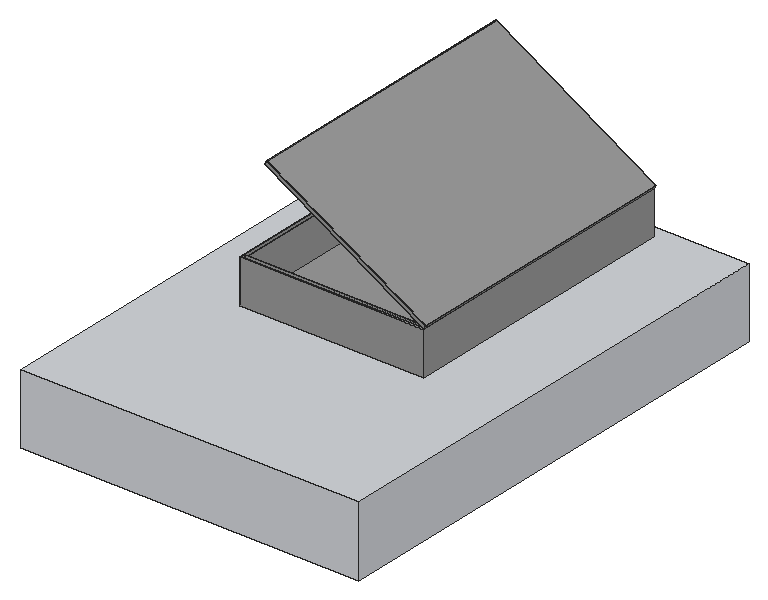
Revit family "Hager-Univers-IP44-D205-H1250-Cl.II-Encl-CH-it", category Equipement électrique, Revit 2020
Family settings
  Hôte = Face
  Configuration du panneau = Deux colonnes, circuits au sein
  Cote de connecteur circulaire = Utiliser le diamètre
  Type d'élément = Tableau de raccordement
  Couper avec des vides une fois chargée = Non
  Partagée = Non
  Point de calcul de pièce = Non
Parameters (values of type "A parete IP44 L800 A1250 P205  - FP83QS")
  Width Control [instance] = if([EF000008 - Larghezza] > Min Width, [EF000008 - Larghezza], Min Width)  # 800 mm
  Commentaires du type = [HG000003 - Gamma]  # "Univers"
  Thickness Door [instance] = if([EF009171 - spessore materiale porta/coperchio] > 3 mm, 3 mm, [EF009171 - spessore materiale porta/coperchio])  # 1 mm
  Seal Frame Offset [instance] = 17 mm  # constant formula
  Plinth Visibility [instance] = [HG000027 - Altezza dello zoccolo] > 0 mm  # no
  Model = ""
  Min Width [instance] = 100 mm  # constant formula
  Min Height [instance] = 100 mm  # constant formula
  Min Depth [instance] = (2 * [EF009170 - spessore materiale scatola]) + 1 mm  # 3 mm
  Internal Frame Depth [instance] = (Door System Depth * 0.5)  # 9 mm
  Height Control [instance] = if([EF000040 - Altezza] > Min Height, [EF000040 - Altezza], Min Height)  # 1250 mm
  HG000027 - Altezza dello zoccolo = 0 mm
  HG000026 - A pavimento = no
  HG000024 - Altezza della sezione inferiore = 800 mm
  HG000023 - Custodia a doppia sezione = no
  HG000016 - Visibilità delle porte nella vista 3D [instance] = yes
  HG000015 - Visibilità attraverso la porta [instance] = no
  HG000014 - Porta destra [instance] = yes
  HG000013 - Porta sinistra [instance] = not([HG000014 - Porta destra])  # no
  HG000012 - Angolo di apertura della porta [instance] = 30.00°
  HG000010 - Porte asimmetriche = no
  HG000009 - Porta doppia a battente = no
  HG000006 - Ad incasso = no
  HG000004 - Codice produttore = "FP83QS"
  HG000003 - Gamma = "Univers"
  HG000002 - Con porta = yes
  Frame Offset Bottom [instance] = 10 mm  # constant formula
  Frame Offset [instance] = 15 mm  # constant formula
  EF015940 - Coprire con rilascio di sovrapressione = no
  EF011959 - tipo di protezione (NEMA) = ""
  EF009554 - numero delle aperture per la piastra della flangia = 6
  Fabricant = "Hager"  # constant formula
  EF009212 - esecuzione coperchio = "EV000116 - chiuso"
  EF009171 - spessore materiale porta/coperchio = 1 mm
  EF009170 - spessore materiale scatola = 1 mm
  EF008873 - corrente nominale (In) = 250 A
  EF007800 - adatto per parafulmine = no
  EF006306 - con serratura = no
  EF006244 - coperchio/porta trasparente = no
  EF005474 - grado di protezione (IP) = "EV006418 - IP44"
  EF004464 - tipo di porta = "EV002646 - singolo"
  EF004427 - numero di moduli = 288
  EF004293 - resistenza agli urti = "EV006815 - IK09"
  EF003532 - adatto per uso esterno = no
  EF002950 - Numero moduli DIN = 36
  EF001613 - Integrità del circuito = "EV000494 - senza"
  EF001596 - Attacco Lampada = "EV000179 - acciaio"
  EF001131 - profondità interna = 143 mm
  EF001088 - possibilità di applicazione = yes
  EF000437 - numero di ingressi per conduttori = 6
  EF000339 - tipo di copertura = "EV001012 - coperchio"
  EF000266 - numero di file = 8
  EF000218 - profondità di incasso = 0 mm
  EF000118 - con piastra di montaggio = no
  EF000116 - numero RAL = "9010"
  EF000049 - profondità = 205 mm
  EF000040 - Altezza = 1250 mm
  EF000008 - Larghezza = 800 mm
  EF000007 - colore = "EV000202 - bianco"
  EF000003 - Tipo di montaggio = "EV000384 - A parete"
  Door System Leaf Tolerance [instance] = 1.5 mm  # constant formula
  Door System Depth [instance] = 18 mm  # constant formula
  Door Height [instance] = Height Control - [HG000027 - Altezza dello zoccolo]  # 1250 mm
  Depth Control [instance] = if([EF000049 - profondità] > Min Depth, [EF000049 - profondità], Min Depth)  # 205 mm
  Default Elevation = 0 mm
  Connector Offset [instance] = Height Control / 2  # 625 mm
  Bottom Top Plate Trim [instance] = 1.5 mm  # constant formula
  Plinth height Ctrl [instance] = if([HG000027 - Altezza dello zoccolo] > 0 mm, [HG000027 - Altezza dello zoccolo], 12 mm)  # 12 mm
Types (5, lengths in mm): name | Width Control | HG000009 - Porta doppia a battente | HG000004 - Codice produttore | EF009554 - numero delle aperture per la piastra della flangia | EF004464 - tipo di porta | EF004427 - numero di moduli | EF002950 - Numero moduli DIN | EF000437 - numero di ingressi per conduttori | EF000008 - Larghezza
  A parete IP44 L1050 A1250 P205  - FP84QS | 1050 | yes | "FP84QS" | 8 | "EV003602 - doppio" | 384 | 48 | 8 | 1050
  A parete IP44 L1300 A1250 P205  - FP85QS | 1300 | yes | "FP85QS" | 10 | "EV003602 - doppio" | 480 | 60 | 10 | 1300
  A parete IP44 L300 A1250 P205  - FP81QS | 300 | no | "FP81QS" | 2 | "EV002646 - singolo" | 96 | 12 | 2 | 300
  A parete IP44 L550 A1250 P205  - FP82QS | 550 | no | "FP82QS" | 4 | "EV002646 - singolo" | 192 | 24 | 4 | 550
  A parete IP44 L800 A1250 P205  - FP83QS | 800 | no | "FP83QS" | 6 | "EV002646 - singolo" | 288 | 36 | 6 | 800
Reference planes
  plane 1 "Center (Front/Back)": y = 0
  plane 2: z = 0
  plane 3 "Center (Left/Right)": x = 0
  plane 4: z = 205
  plane 5: y = 1
  plane 6: y = 625
  plane 7: y = 0
  plane 8: y = 1250
  plane 9: z = 0
  plane 10: x = -385
  plane 11: x = 385
  plane 12: x = 384
  plane 13: x = -384
  plane 14: y = 1249
  plane 15: x = -383
  plane 16: x = -400
  plane 17: x = 383
  plane 18: x = 400
  plane 19: x = 399
  plane 20: x = -399
  plane 21: y = 11
  plane 22: y = 1250
  plane 23: y = 1234
  plane 24: z = 187
  plane 25: z = 1
  plane 26: z = 186
  plane 27: z = 204
Forms (mm)
  Extrusion 1, solid
    sketch origin (0, 0, 0) x (1, 0, 0) y (0, 1, 0)
      loop
        line (-702.964, 1305) -> (-702.964, -811.445) -> (766.763, -811.445) -> (766.763, 1305) -> (-702.964, 1305)
    from 0 to -304.8
  Extrusion 2, solid, material "Hager_Steel_RAL7035_Light_Grey", visible <- "Plinth Visibility", detail levels medium+fine
    sketch origin (0, 0, 0) x (1, 0, 0) y (0, 1, 0)
      loop
        line (-400, 0) -> (400, 0) -> (400, 12) -> (-400, 12) -> (-400, 0)
    from 0 to 187
  Extrusion 3, solid, material "Hager_Steel_RAL7035_Light_Grey", detail levels medium+fine
    sketch origin (0, 0, 0) x (1, 0, 0) y (0, 1, 0)
      loop
        line (-400, 0) -> (400, 0) -> (400, 1250) -> (-400, 1250) -> (-400, 0)
    from 0 to 187
  Extrusion 4, void
    sketch origin (0, 0, 0) x (1, 0, 0) y (0, 1, 0)
      loop
        line (-399, 1) -> (399, 1) -> (399, 1249) -> (-399, 1249) -> (-399, 1)
    from 1 to 186
  Extrusion 5, void
    sketch origin (-381.607, -4572, 187) x (0, -1, 0) y (-1, 0, 0)
      loop
        line (-4583, 2.393) -> (-5806, 2.393) -> (-5806, -765.607) -> (-4583, -765.607) -> (-4583, 2.393)
    from 0 to 1 <- "EF009170 - spessore materiale scatola"
  Extrusion 6, solid, material "Hager_Steel_RAL7035_Light_Grey", detail levels fine
    sketch origin (0, 0, 187) x (1, 0, 0) y (0, 1, 0)
      loop
        line (-384, 1234) -> (-384, 11) -> (384, 11) -> (384, 1234) -> (-384, 1234)
      loop
        line (-385, 10) -> (385, 10) -> (385, 1235) -> (-385, 1235) -> (-385, 10)
    from 0 to 9 <- "Internal Frame Depth"
  Extrusion 7, solid, material "Hager_Steel_RAL7035_Light_Grey", detail levels coarse
    sketch origin (0, 0, 0) x (1, 0, 0) y (0, 1, 0)
      loop
        line (-400, 0) -> (400, 0) -> (400, 1250) -> (-400, 1250) -> (-400, 0)
    from 0 to 205
  Sweep 8, void
    path in 3D
      loop
        line (-400, 12, 0) -> (400, 12, 0) -> (400, 12, 187) -> (-400, 12, 187) -> (-400, 12, 0)
    profile origin (-400, 12, 93.5) x (-1, 0, 0) y (0, -1, 0)
      loop
        line (0, 0) -> (0, 1.5) -> (-1.5, 1.5)
        arc (-1.5, 1.5) -> (-1.061, 0.439) -> (0, 0) r 1.5
Cuts and joins
  Extrusion 4, Extrusion 5 cuts Extrusion 3
  Sweep 8 cuts Extrusion 2
Lines and regions (mm)
  Masking region 1
    outline origin (0, 0, 0) x (1, 0, 0) y (0, 0, 1)
      loop
        line (-400, 205) -> (-400, 0) -> (400, 0) -> (400, 205) -> (-400, 205)
  Masking region 2, detail levels medium+fine
    outline origin (0, 140, 0) x (0, 1, 0) y (0, 0, 1)
      loop
        line (-140, 0) -> (1110, 0) -> (1110, 187) -> (-140, 187) -> (-140, 0)
  Masking region 3, not visible, detail levels medium+fine
    outline origin (0, 297.922, 0) x (0, 1, 0) y (0, 0, 1)
      loop
        line (338.578, 0) -> (378.578, 0) -> (378.578, 194)
        arc (378.578, 194) -> (375.649, 201.071) -> (368.578, 204) r 10
        line (368.578, 204) -> (338.578, 204) -> (338.578, 0)
  Masking region 4, detail levels coarse
    outline origin (0, 0, 180) x (0, 1, 0) y (0, 0, 1)
      loop
        line (0, -180) -> (1250, -180) -> (1250, 25) -> (0, 25) -> (0, -180)
  Masking region 5, visible <- "Plinth Visibility", detail levels medium+fine
    outline origin (0, 52.24, 12.345) x (0, 0, -1) y (0, 1, 0)
      loop
        line (10.845, -40.24) -> (-173.155, -40.24)
        arc (-173.155, -40.24) -> (-173.594, -41.301) -> (-174.655, -41.74) r 1.5
        line (-174.655, -41.74) -> (-174.655, -52.24) -> (12.345, -52.24) -> (12.345, -41.74)
        arc (12.345, -41.74) -> (11.285, -41.301) -> (10.845, -40.24) r 1.5
  Masking region 6, detail levels medium+fine
    outline origin (-381.607, -4572, 187) x (-1, 0, 0) y (0, -1, 0)
      loop
        line (18.393, -5822) -> (18.393, -4572) -> (-781.607, -4572) -> (-781.607, -5822) -> (18.393, -5822)
  Masking region 7, visible <- "Plinth Visibility", detail levels medium+fine
    outline origin (-381.607, -4727, 187) x (-1, 0, 0) y (0, -1, 0)
      loop
        arc (16.893, -4739) -> (17.332, -4737.939) -> (18.393, -4737.5) r 1.5
        line (18.393, -4737.5) -> (18.393, -4727) -> (-781.607, -4727) -> (-781.607, -4737.5)
        arc (-781.607, -4737.5) -> (-780.546, -4737.939) -> (-780.107, -4739) r 1.5
        line (-780.107, -4739) -> (16.893, -4739)
  Masking region 8, detail levels coarse
    outline origin (-442.548, -4669.526, 187) x (-1, 0, 0) y (0, -1, 0)
      loop
        line (-42.548, -5919.526) -> (-42.548, -4669.526) -> (-842.548, -4669.526) -> (-842.548, -5919.526) -> (-42.548, -5919.526)
  sketch lines
    curve 1: line (-400, 12, 187) -> (-400, 12, 0)
    curve 2: line (400, 12, 187) -> (-400, 12, 187)
    curve 3: line (400, 12, 187) -> (400, 12, 0)
    curve 4: line (-400, 12, 0) -> (400, 12, 0)
Dimensions and locks
  "Depth Control": plane 4 to Extrusion 1
  "HG000027 - Altezza dello zoccolo": plane 1 "Center (Front/Back)" to plane 7
  "EF009170 - spessore materiale scatola": plane 5 to plane 7
  locked: connector elem to plane 3 "Center (Left/Right)"
  equal spacing: plane 8, plane 6, plane 7
  locked: connector elem to plane 6
  "EF009170 - spessore materiale scatola": plane 8 to plane 14
  "EF009170 - spessore materiale scatola": plane 10 to plane 13
  "EF009170 - spessore materiale scatola": plane 12 to plane 11
  "Frame Offset": plane 20 to plane 13
  "Frame Offset": plane 12 to plane 19
  "EF009170 - spessore materiale scatola": plane 16 to plane 20
  "EF009170 - spessore materiale scatola": plane 19 to plane 18
  "Seal Frame Offset": plane 16 to plane 15
  "Seal Frame Offset": plane 17 to plane 18
  "Frame Offset Bottom": plane 21 to plane 5
  "Frame Offset": plane 14 to plane 23
  equal spacing: plane 16, plane 3 "Center (Left/Right)", plane 18
  "Width Control": plane 16 to plane 18
  "EF009170 - spessore materiale scatola": plane 4 to plane 27
  "EF009170 - spessore materiale scatola": plane 24 to plane 26
  "EF009170 - spessore materiale scatola": plane 25 to level
  "Door System Depth": plane 4 to plane 24
  "Height Control": plane 1 "Center (Front/Back)" to Extrusion 7 sketch curve
  "Height Control": Masking region 4 sketch curve to plane 1 "Center (Front/Back)"
  "Height Control": plane 1 "Center (Front/Back)" to plane 22
  "Bottom Top Plate Trim": profile plane to Sweep 8 sketch curve
  "Bottom Top Plate Trim": Sweep 8 sketch curve to profile plane
  "Plinth height Ctrl": plane 1 "Center (Front/Back)" to Extrusion 2 sketch curve
  "Plinth height Ctrl": Masking region 5 sketch curve to plane 1 "Center (Front/Back)"
  "Plinth height Ctrl": plane 1 "Center (Front/Back)" to Masking region 7 sketch curve
  "Thickness Door": Extrusion 6 sketch curve to Extrusion 6 sketch curve  (x3)
  "Thickness Door": cut or joined group of Extrusion 3, Extrusion 4, Extrusion 5 to Extrusion 6 sketch curve
  radius of Masking region 3 sketch curve = 10 mm
  "Bottom Top Plate Trim": radius of Masking region 5 sketch curve  (x2)
  "Bottom Top Plate Trim": radius of Sweep 8 sketch curve
  "Bottom Top Plate Trim": radius of Masking region 7 sketch curve  (x2)
  aligned and locked: plane 2 to Extrusion 1
  aligned and locked: level to Extrusion 1
  aligned and locked: level to Masking region 1 sketch curve
  aligned and locked: Masking region 1 sketch curve to plane 18
  aligned and locked: Masking region 1 sketch curve to plane 16
  aligned and locked: plane 7 to Masking region 2 sketch curve
  aligned and locked: level to Masking region 3 sketch curve
  aligned and locked: Masking region 3 sketch curve to plane 27
  aligned and locked: level to Masking region 2 sketch curve
  aligned and locked: plane 1 "Center (Front/Back)" to Extrusion 2 sketch curve
  aligned and locked: Extrusion 3 sketch curve to plane 7
  aligned and locked: plane 16 to Extrusion 3 sketch curve
  aligned and locked: plane 18 to Extrusion 3 sketch curve
  aligned and locked: plane 20 to Extrusion 4 sketch curve
  aligned and locked: plane 19 to Extrusion 4 sketch curve
  aligned and locked: Extrusion 4 sketch curve to plane 5
  aligned and locked: Extrusion 4 to plane 25
  aligned and locked: plane 26 to Extrusion 4
  aligned and locked: plane 24 to Extrusion 3
  aligned and locked: Extrusion 5 sketch curve to plane 21
  aligned and locked: Extrusion 5 sketch curve to plane 13
  aligned and locked: Extrusion 5 sketch curve to plane 12
  aligned and locked: plane 18 to Extrusion 7 sketch curve
  aligned and locked: plane 1 "Center (Front/Back)" to Extrusion 7 sketch curve
  aligned and locked: plane 16 to Extrusion 7 sketch curve
  aligned and locked: plane 4 to Extrusion 7
  aligned and locked: Extrusion 7 to level
  aligned and locked: level to Masking region 4 sketch curve
  aligned and locked: Masking region 4 sketch curve to plane 1 "Center (Front/Back)"
  aligned and locked: Masking region 4 sketch curve to plane 4
  aligned and locked: nested 1 to level
  aligned and locked: nested 1 to plane 16
  aligned and locked: plane 8 to Extrusion 3 sketch curve
  aligned and locked: plane 23 to Extrusion 5 sketch curve
  aligned and locked: plane 14 to Extrusion 4 sketch curve
  aligned and locked: Masking region 2 sketch curve to plane 8
  aligned and locked: level to Masking region 5 sketch curve
  aligned and locked: plane 16 to Extrusion 2 sketch curve
  aligned and locked: plane 18 to Extrusion 2 sketch curve
  aligned and locked: Masking region 5 sketch curve to plane 24
  aligned and locked: Masking region 2 sketch curve to plane 24
  aligned and locked: plane 24 to Extrusion 2
  aligned and locked: profile plane to Sweep 8 sketch curve  (x2)
  aligned and locked: Masking region 6 sketch curve to plane 18
  aligned and locked: Masking region 6 sketch curve to plane 22
  aligned and locked: Masking region 6 sketch curve to plane 16
  aligned and locked: plane 8 to plane 22
  aligned and locked: Masking region 6 sketch curve to plane 7
  aligned and locked: Masking region 7 sketch curve to plane 16
  aligned and locked: Masking region 7 sketch curve to plane 1 "Center (Front/Back)"
  aligned and locked: Masking region 7 sketch curve to plane 18
  aligned and locked: Masking region 8 sketch curve to plane 1 "Center (Front/Back)"
  aligned and locked: Masking region 8 sketch curve to plane 18
  aligned and locked: Masking region 8 sketch curve to plane 22
  aligned and locked: Masking region 8 sketch curve to plane 16
  aligned and locked: nested 2 to plane 7
  aligned and locked: plane 3 "Center (Left/Right)" to nested 2
  aligned and locked: nested 2 to plane 24
  aligned and locked: Extrusion 6 sketch curve to cut or joined group of Extrusion 3, Extrusion 4, Extrusion 5  (x4)
Automatic sketch dimensions
  Extrusion 1 sketch curve to Extrusion 1 sketch curve = 1469.727 mm
  Extrusion 1 sketch curve to Extrusion 1 sketch curve = 2116.445 mm
  Masking region 1 sketch curve to plane 4 = 0 mm
  plane 6 to Masking region 3 sketch curve = 11.5 mm
  Masking region 3 sketch curve to Masking region 3 sketch curve = 30 mm
  Masking region 5 sketch curve to plane 1 "Center (Front/Back)" = 0 mm
Nested families
  nested 1: "Hager_Enclosure_Symbol" at (-400, 0, 0) x (1, 0, 0) z (0, -1, 0), Height <- "Depth Control", Width <- "Width Control", type "Hager_Enclosure_Symbol"
    with Width_Ctrl 800 mm, Width 800 mm, Height_Ctrl 205 mm, Height 205 mm, A_Width_Int 13.453 mm, A_Width 161.438 mm, A_Height_Ctrl 179.375 mm, A_Height 179.375 mm
  nested 2: "EC000058_Univers_Door" at (0, 0, 187) x (1, 0, 0) z (0, 1, 0), Leaf_Tolerance <- "Door System Leaf Tolerance", Angle <- "HG000012 - Angolo di apertura della porta", Door_Depth <- "Door System Depth", Door_Left <- "HG000013 - Porta sinistra", Transparent <- "EF006244 - coperchio/porta trasparente", Assymetrical <- "HG000010 - Porte asimmetriche", Width <- "Width Control", Clearance <- "HG000015 - Visibilità attraverso la porta", Double <- "HG000009 - Porta doppia a battente", 3d_Door <- "HG000016 - Visibilità delle porte nella vista 3D", Lock_Visibility <- "EF006306 - con serratura", Width_Ctrl <- "Width Control", Door_Right <- "HG000014 - Porta destra", Door <- "HG000002 - Con porta", Height <- "Door Height", Thickness <- "Thickness Door", type "EC000058_Univers_Door", detail levels medium+fine
    with min_wh 3 mm, Width_Ctrl 800 mm, Width 800 mm, Transparent no, Thickness 1 mm, Seal_Material Hager_Rubber, Lock_Visibility no, Lock_Material Hager_Plastic_RAL9005_Jet_Black, Leaf_Width 800 mm, Leaf_Tolerance_External_Sides 0 mm, Leaf_Tolerance 1.5 mm, Leaf_Offset 0 mm, Leaf_Height 1247 mm, Leaf_2_Width 800 mm, Leaf_2_Offset 400 mm, Leaf_1_Width 800 mm, Leaf_1_Offset 400 mm, Height_Ctrl 1250 mm, Height 1250 mm, Glass_Material Hager_Glass, Double_Clearance_Ctrl no, Double no, Door_Right_Ctrl yes, Door_Right yes, Door_Material Hager_Steel_RAL7035_Light_Grey, Door_Left_Ctrl no, Door_Left no, Door_Depth 18 mm, Door yes, Clearance_Material Hager_Clearance, Clearance_Depth 800 mm, Clearance_Ctrl no, Clearance no, Assymetrical no, Angle 30.00°, 3d_Door yes
Connectors
  electrical at (0, 625, 0)
    settings: on plane 9, index 1, voltage 0 V, apparent load 0 VA, apparent load phase1 0 VA, apparent load phase2 0 VA, apparent load phase3 0 VA, power factor 1, load classification "Other", number of poles 1, system type 30, power factor state 1, is connector primary yes, connector utility no, sub classification motor no, connector description ""
Definition of nested family "EC000058_Univers_Door"
  Parameters (values of type "EC000058_Univers_Door")
    min_wh [instance] = (2 * Thickness) + 1 mm  # 11 mm
    Width_Ctrl [instance] = 400 mm
    Width [instance] = 500 mm
    Transparent [instance] = yes
    Thickness [instance] = 5 mm
    Seal_Material [instance] = none
    Lock_Visibility [instance] = yes
    Lock_Material [instance] = none
    Leaf_Width [instance] = if((Width_Ctrl - 2 * Leaf_Tolerance_External_Sides) > 0 mm, (Width_Ctrl - 2 * Leaf_Tolerance_External_Sides), min_wh)  # 400 mm
    Leaf_Tolerance_External_Sides [instance] = 0 mm  # constant formula
    Leaf_Tolerance [instance] = 1.5 mm
    Leaf_Offset [instance] = 0 mm  # constant formula
    Leaf_Height [instance] = if((Height_Ctrl - 2 * Leaf_Tolerance) > 0 mm, (Height_Ctrl - 2 * Leaf_Tolerance), min_wh)  # 497 mm
    Leaf_2_Width [instance] = if(and(and(Double, Assymetrical), Door_Left), (Leaf_Width / 3) - (Leaf_Tolerance / 2), if(and(and(Double, Assymetrical), Door_Right), (Leaf_Width / 3) * 2 - (Leaf_Tolerance / 2), if(and(Double, not(Assymetrical)), (Leaf_Width / 2) - Leaf_Tolerance, Leaf_Width)))  # 400 mm
    Leaf_2_Offset [instance] = if(and(Double, Assymetrical), Leaf_2_Width / 2, if(and(Double, not(Assymetrical)), Leaf_Width / 4, Leaf_Width / 2))  # 200 mm
    Leaf_1_Width [instance] = if(and(and(Double, Assymetrical), Door_Right), (Leaf_Width / 3) - (Leaf_Tolerance / 2), if(and(and(Double, Assymetrical), Door_Left), (Width / 3) * 2 - (Leaf_Tolerance / 2), if(and(Double, not(Assymetrical)), (Leaf_Width / 2) - Leaf_Tolerance, Leaf_Width)))  # 400 mm
    Leaf_1_Offset [instance] = if(and(Double, Assymetrical), Leaf_1_Width / 2, if(and(Double, not(Assymetrical)), Leaf_Width / 4, Leaf_Width / 2))  # 200 mm
    Height_Ctrl [instance] = if(Height > min_wh, Height, min_wh)  # 500 mm
    Height [instance] = 500 mm
    Glass_Material [instance] = none
    Double_Clearance_Ctrl [instance] = and(Double, Clearance)  # no
    Double [instance] = no
    Door_Right_Ctrl [instance] = and(or(Door_Right, Double), Door)  # yes
    Door_Right [instance] = yes
    Door_Material [instance] = none
    Door_Left_Ctrl [instance] = and(or(Door_Left, Double), Door)  # no
    Door_Left [instance] = no
    Door_Depth [instance] = 30 mm
    Door [instance] = yes
    Default Elevation = 1219.2 mm
    Clearance_Material [instance] = none
    Clearance_Depth [instance] = if(Leaf_1_Width > Leaf_2_Width, Leaf_1_Width, Leaf_2_Width)  # 400 mm
    Clearance_Ctrl [instance] = and(not(Double), Clearance)  # yes
    Clearance [instance] = yes
    Assymetrical [instance] = yes
    Angle [instance] = 30.00°
    3d_Door [instance] = yes
  Reference planes
    plane 1 "Center (Front/Back)": y = 0
    plane 2 "Bottom": z = 0
    plane 3 "Center (Left/Right)": x = 0
    plane 4: z = 500
    plane 5: x = -200
    plane 6: x = 200
    plane 7: z = 500
    plane 8: x = -200
    plane 9: z = 0
    plane 10: x = 200
    plane 11: y = 0
    plane 12: z = 1.5
    plane 13: x = -600
    plane 14: y = -400
    plane 15: x = 600
    plane 16: x = 0
    plane 17: x = 0
    plane 18: x = -200
    plane 19: x = 200
    plane 20: z = 498.5
  Forms (mm)
    Extrusion 1, solid, material <- "Clearance_Material", visible <- "Double_Clearance_Ctrl"
      sketch origin (1200, 0, 0) x (1, 0, 0) y (0, 0, -1)
        loop
          line (-1800, -498.5) -> (-600, -498.5) -> (-600, 0) -> (-1800, 0) -> (-1800, -498.5)
      from 0 to -400
  Dimensions and locks
    equal spacing: plane 5, plane 3 "Center (Left/Right)", plane 6
    "Width_Ctrl": plane 5 to plane 6
    "Leaf_Offset": plane 5 to plane 8
    "Leaf_Offset": plane 6 to plane 10
    "Leaf_Offset": plane 9 to level
    "Leaf_Offset": plane 4 to plane 7
    "Height_Ctrl": plane 4 to level
    "Leaf_Tolerance": plane 12 to plane 9
    locked: plane 11 to plane 1 "Center (Front/Back)"
    "Leaf_1_Offset": plane 18 to plane 16
    "Leaf_2_Offset": plane 17 to plane 19
    "Leaf_1_Width": plane 13 to plane 8
    "Leaf_2_Width": plane 10 to plane 15
    "Clearance_Depth": plane 14 to plane 1 "Center (Front/Back)"
    "Leaf_Tolerance_External_Sides": plane 8 to plane 18
    "Leaf_Tolerance_External_Sides": plane 19 to plane 10
    "Leaf_Tolerance": plane 7 to plane 20
    aligned and locked: level to plane 2 "Bottom"
    aligned and locked: nested 1 to plane 16
    aligned and locked: nested 2 to plane 17
    aligned and locked: Extrusion 1 to plane 13
    aligned and locked: plane 15 to Extrusion 1
    aligned and locked: Extrusion 1 to plane 14
    aligned and locked: plane 12 to nested 1
    aligned and locked: nested 2 to plane 12
    aligned and locked: Extrusion 1 to plane 11
    aligned and locked: plane 20 to Extrusion 1
    aligned and locked: nested 2 to plane 11
    aligned and locked: nested 1 to plane 11
  Automatic sketch dimensions
    Extrusion 1 sketch curve to level = 0 mm
    plane 5 to Extrusion 1 sketch curve = 400 mm
    plane 6 to Extrusion 1 sketch curve = 400 mm
    Extrusion 1 sketch curve to plane 4 = 1.5 mm
  Nested families
    nested 1: "EC000058_Univers_Door_Leaf" at (0, 0, 1.5), Width <- "Leaf_1_Width", visible <- "Door_Left_Ctrl", Leaf_Height <- "Leaf_Height", Angle <- "Angle", 3d_Door <- "3d_Door", Transparent <- "Transparent", Clearance Material <- "Clearance_Material", Clearance <- "Clearance_Ctrl", Door_Material <- "Door_Material", Glass_Material <- "Glass_Material", Door_Depth <- "Door_Depth", Lock_Material <- "Lock_Material", Seal_Material <- "Seal_Material", Lock_Visibility <- "Lock_Visibility", Thickness <- "Thickness", type "EC000058_Univers_Door_Leaf"
      with Width 400 mm, Transparent_Glass_Offset 30 mm, Transparent_Ctrl yes, Transparent yes, Thickness 5 mm, Standard no, Seal_Material none, Seal_D2 8 mm, Seal_D1 1 mm, Offset_Internal_Frame 10 mm, Lock_Width 20 mm, Lock_Visibility_3d yes, Lock_Visibility yes, Lock_Thickness_3 3 mm, Lock_Thickness_2 1 mm, Lock_Thickness_1 3 mm, Lock_Radius_Offset_2 16 mm, Lock_Radius_Offset_1 15 mm, Lock_Radius_2 5 mm, Lock_Radius 6 mm, Lock_Offset 5 mm, Lock_Material none, Lock_Height 80 mm, Lock_Cover_Top_Offset_2d 17 mm, Lock_Cover_Height -65 mm, Leaf_Height 497 mm, Internal_Seal_Thickness 8 mm, Internal_Seal_Depth_2 4.5 mm, Internal_Frame_Depth 25 mm, Glass_Thickness -1 mm, Glass_Offset -2 mm, Glass_Material none, Door_Material none, Door_Depth 30 mm, Clearance Material none, Clearance yes, Angle_Ctrl 30.00°, Angle 30.00°, 3d_Door yes
    nested 2: "EC000058_Univers_Door_Leaf" at (0, 0, 1.5) x (-1, 0, 0) z (0, 0, 1), Width <- "Leaf_2_Width", visible <- "Door_Right_Ctrl", Leaf_Height <- "Leaf_Height", Angle <- "Angle", 3d_Door <- "3d_Door", Transparent <- "Transparent", Clearance Material <- "Clearance_Material", Clearance <- "Clearance_Ctrl", Door_Material <- "Door_Material", Glass_Material <- "Glass_Material", Door_Depth <- "Door_Depth", Lock_Material <- "Lock_Material", Seal_Material <- "Seal_Material", Lock_Visibility <- "Lock_Visibility", Thickness <- "Thickness", type "EC000058_Univers_Door_Leaf"
      with Width 400 mm, Transparent_Glass_Offset 30 mm, Transparent_Ctrl yes, Transparent yes, Thickness 5 mm, Standard no, Seal_Material none, Seal_D2 8 mm, Seal_D1 1 mm, Offset_Internal_Frame 10 mm, Lock_Width 20 mm, Lock_Visibility_3d yes, Lock_Visibility yes, Lock_Thickness_3 3 mm, Lock_Thickness_2 1 mm, Lock_Thickness_1 3 mm, Lock_Radius_Offset_2 16 mm, Lock_Radius_Offset_1 15 mm, Lock_Radius_2 5 mm, Lock_Radius 6 mm, Lock_Offset 5 mm, Lock_Material none, Lock_Height 80 mm, Lock_Cover_Top_Offset_2d 17 mm, Lock_Cover_Height -65 mm, Leaf_Height 497 mm, Internal_Seal_Thickness 8 mm, Internal_Seal_Depth_2 4.5 mm, Internal_Frame_Depth 25 mm, Glass_Thickness -1 mm, Glass_Offset -2 mm, Glass_Material none, Door_Material none, Door_Depth 30 mm, Clearance Material none, Clearance yes, Angle_Ctrl 30.00°, Angle 30.00°, 3d_Door yes
  Definition of nested family "EC000058_Univers_Door_Leaf"
    Parameters (values of type "EC000058_Univers_Door_Leaf")
      Width [instance] = 2000 mm
      Transparent_Glass_Offset [instance] = 30 mm
      Transparent_Ctrl [instance] = and(Transparent, [3d_Door])  # yes
      Transparent [instance] = yes
      Thickness [instance] = 5 mm
      Standard [instance] = and(not(Transparent), [3d_Door])  # no
      Seal_Material [instance] = none
      Seal_D2 [instance] = 8 mm  # constant formula
      Seal_D1 [instance] = 1 mm  # constant formula
      Offset_Internal_Frame [instance] = 10 mm  # constant formula
      Lock_Width [instance] = 20 mm  # constant formula
      Lock_Visibility_3d [instance] = and(Lock_Visibility, [3d_Door])  # yes
      Lock_Visibility [instance] = yes
      Lock_Thickness_3 [instance] = 3 mm  # constant formula
      Lock_Thickness_2 [instance] = 1 mm  # constant formula
      Lock_Thickness_1 [instance] = 3 mm  # constant formula
      Lock_Radius_Offset_2 [instance] = Lock_Radius_Offset_1 + 1 mm  # 16 mm
      Lock_Radius_Offset_1 [instance] = 15 mm  # constant formula
      Lock_Radius_2 [instance] = Lock_Radius - 1 mm  # 5 mm
      Lock_Radius [instance] = 6 mm  # constant formula
      Lock_Offset [instance] = 5 mm  # constant formula
      Lock_Material [instance] = none
      Lock_Height [instance] = 80 mm  # constant formula
      Lock_Cover_Top_Offset_2d [instance] = Lock_Radius_Offset_2 + 1 mm  # 17 mm
      Lock_Cover_Height [instance] = -(Lock_Height - Lock_Radius_Offset_1)  # -65 mm
      Leaf_Height [instance] = 2720.336 mm
      Internal_Seal_Thickness [instance] = 8 mm  # constant formula
      Internal_Seal_Depth_2 [instance] = 4.5 mm  # constant formula
      Internal_Frame_Depth [instance] = if(Door_Depth - Thickness > 5 mm, Door_Depth - Thickness, 5 mm)  # 25 mm
      Glass_Thickness [instance] = if(Thickness > 15 mm, Glass_Offset + 10 mm, -1 mm)  # -1 mm
      Glass_Offset [instance] = if(Thickness > 15 mm, -(Thickness + 10 mm) / 2, -2 mm)  # -2 mm
      Glass_Material [instance] = none
      Door_Material [instance] = none
      Door_Depth [instance] = 30 mm
      Default Elevation = 0 mm
      Clearance Material [instance] = none
      Clearance [instance] = yes
      Angle_Ctrl [instance] = if(Angle > 180.00°, 180.00°, Angle)  # 90.00°
      Angle [instance] = 90.00°
      3d_Door [instance] = yes
    Reference planes
      plane 1 "Center (Front/Back)": y = 0
      plane 2: z = 0
      plane 3 "Center (Left/Right)": x = 0
      plane 4: y = 2000
      plane 5: x = -1000
      plane 6: x = 1000
      plane 7: x = -3000
      plane 8: z = 2720.336
      plane 9: z = 30
      plane 10: z = 2690.336
      plane 11: x = 970
      plane 12: x = -970
      plane 13: y = -3
      plane 14: z = 107.833
      plane 15: y = -5
      plane 16: y = -223.314
      plane 17: x = -1000
      plane 18: z = 1360.168
      plane 19: y = 30
    Forms (mm)
      Extrusion 1, solid, material <- "Clearance Material", visible <- "Clearance"
        sketch origin (0, 0, 0) x (1, 0, 0) y (0, 0, 1)
          loop
            line (-3000, 2720.336) -> (-3000, 0) -> (1000, 0) -> (1000, 2720.336) -> (-3000, 2720.336)
        from 0 to -2000
      Extrusion 2, solid, material <- "Door_Material", visible <- "Standard", detail levels medium+fine
        sketch origin (-1000, 0, 0) x (0, 1, 0) y (-1, 0, 0)
          loop
            line (0, 30) -> (0, 25) -> (2000, 25) -> (2000, 30) -> (0, 30)
        from 0 to 2720.336 <- "Leaf_Height"
      Extrusion 3, solid, material <- "Door_Material", visible <- "Transparent_Ctrl", detail levels medium+fine
        sketch origin (-1000, 0, 0) x (0, 1, 0) y (-1, 0, 0)
          loop
            line (0, 25) -> (2000, 25) -> (2000, 30) -> (0, 30) -> (0, 25)
        from 0 to 2720.336 <- "Leaf_Height"
      Extrusion 4, void
        sketch origin (-1025, 2000, 0) x (0, 1, 0) y (0, 0, -1)
          loop
            line (-30, -2690.336) -> (-30, -30) -> (-1970, -30) -> (-1970, -2690.336) -> (-30, -2690.336)
        from 0 to 5 <- "Thickness"
      Sweep 5, solid, material <- "Seal_Material", visible <- "Transparent_Ctrl", detail levels fine
        path in 3D
          loop
            line (-1025, 30, 30) -> (-1025, 30, 2690.336) -> (-1025, 1970, 2690.336) -> (-1025, 1970, 30) -> (-1025, 30, 30)
        profile origin (-1025, 1000, 30) x (1, 0, 0) y (0, 0, 1)
          loop
            line (0, 0) -> (0, -8) -> (1, -8) -> (1, 0) -> (0, 0)
      Extrusion 6, solid, material <- "Glass_Material", visible <- "Transparent_Ctrl", detail levels medium+fine
        sketch origin (-1030, 0, 0) x (0, 1, 0) y (0, 0, -1)
          loop
            line (1970, -2690.336) -> (1970, -30) -> (30, -30) -> (30, -2690.336) -> (1970, -2690.336)
        from -2 <- "Glass_Offset" to -1 <- "Glass_Thickness"
      Extrusion 7, solid, material <- "Door_Material", visible <- "3d_Door", detail levels medium+fine
        sketch origin (-1025, 2000, 0) x (0, -1, 0) y (0, 0, -1)
          loop
            line (0, -2720.336) -> (2000, -2720.336) -> (2000, 0) -> (0, 0) -> (0, -2720.336)
          loop
            line (1995, -5) -> (5, -5) -> (5, -2715.336) -> (1995, -2715.336) -> (1995, -5)
        from 0 to 25 <- "Internal_Frame_Depth"
      Sweep 8, solid, material <- "Seal_Material", visible <- "Transparent_Ctrl", detail levels fine
        path in 3D
          loop
            line (-1025, 0, 0) -> (-1025, 2000, 0) -> (-1025, 2000, 2720.336) -> (-1025, 0, 2720.336) -> (-1025, 0, 0)
        profile origin (-1025, 0, 1360.168) x (1, 0, 0) y (0, 1, 0)
          loop
            line (0, 10) -> (2.975, 10)
            arc (2.975, 10) -> (4.053, 10.447) -> (4.5, 11.525) r 1.525
            line (4.5, 11.525) -> (4.5, 16.527)
            arc (4.5, 16.527) -> (4.069, 17.569) -> (3.027, 18) r 1.473
            line (3.027, 18) -> (0, 18) -> (0, 10)
      Extrusion 9, solid, material <- "Lock_Material", visible <- "Lock_Visibility_3d", detail levels fine
        sketch origin (-1030, 0, 0) x (0, 1, 0) y (0, 0, -1)
          loop
            arc (1993.5, -1400.168) -> (1994.561, -1399.729) -> (1995, -1398.668) r 1.5
            line (1995, -1398.668) -> (1995, -1320.168) -> (1975, -1320.168) -> (1975, -1398.668)
            arc (1975, -1398.668) -> (1975.439, -1399.729) -> (1976.5, -1400.168) r 1.5
            line (1976.5, -1400.168) -> (1993.5, -1400.168)
        from 3 <- "Lock_Thickness_1" to 0
      Blend 10, solid, material <- "Lock_Material", visible <- "Lock_Visibility_3d", detail levels fine
        base sketch origin (-1033, 0, 0) x (0, 1, 0) y (0, 0, -1)
          loop
            line (1975, -1320.168) -> (1975, -1398.668)
            arc (1975, -1398.668) -> (1975.439, -1399.729) -> (1976.5, -1400.168) r 1.5
            line (1976.5, -1400.168) -> (1993.5, -1400.168)
            arc (1993.5, -1400.168) -> (1994.561, -1399.729) -> (1995, -1398.668) r 1.5
            line (1995, -1398.668) -> (1995, -1320.168) -> (1975, -1320.168)
        top sketch origin (-1033, 0, 0) x (0, 1, 0) y (0, 0, -1)
          loop
            line (1976, -1320.168) -> (1976, -1398.668)
            arc (1976, -1398.668) -> (1976.146, -1399.022) -> (1976.5, -1399.168) r 0.5
            line (1976.5, -1399.168) -> (1993.5, -1399.168)
            arc (1993.5, -1399.168) -> (1993.854, -1399.022) -> (1994, -1398.668) r 0.5
            line (1994, -1398.668) -> (1994, -1320.168) -> (1976, -1320.168)
        from 0 to 1 <- "Lock_Thickness_2"
      Blend 11, solid, material <- "Lock_Material", visible <- "Lock_Visibility_3d", detail levels fine
        base sketch origin (-1034, 0, 0) x (0, 1, 0) y (0, 0, -1)
          loop
            line (1978, -1320.168) -> (1978, -1384.168)
            arc (1978, -1384.168) -> (1985, -1391.168) -> (1992, -1384.168) r 7
            line (1992, -1384.168) -> (1992, -1320.168) -> (1978, -1320.168)
        top sketch origin (-1034, 0, 0) x (0, 1, 0) y (0, 0, -1)
          loop
            line (1991, -1320.168) -> (1979, -1320.168) -> (1979, -1383.168)
            arc (1979, -1383.168) -> (1985, -1389.168) -> (1991, -1383.168) r 6
            line (1991, -1383.168) -> (1991, -1320.168)
        from 0 to 3 <- "Lock_Thickness_3"
      Extrusion 12, solid, material <- "Lock_Material", visible <- "Lock_Visibility_3d", detail levels fine
        sketch origin (-1030, 1975, 1320.168) x (1, 0, 0) y (0, -1, 0)
          loop
            line (-7, -19) -> (-7, -1) -> (0, -1) -> (0, 0) -> (-8, 0) -> (-8, -20) -> (0, -20) -> (0, -19) -> (-7, -19)
        from 0 to -65 <- "Lock_Cover_Height"
      Extrusion 13, void
        sketch origin (-1038, 1995, 1320.168) x (-1, 0, 0) y (0, 0, -1)
          loop
            line (-5, -65) -> (0, -65) -> (-5, -60) -> (-5, -65)
        from 0 to 20 <- "Lock_Width"
      Extrusion 14, void
        sketch origin (-1038, 1975, 1320.168) x (0, -1, 0) y (0, 0, -1)
          loop
            circle (-10, -15.995) r 6
          loop
            circle (-10, -15.995) r 5
        from 0 to 2
      Extrusion 15, solid, material <- "Lock_Material", visible <- "Lock_Visibility_3d", detail levels medium
        sketch origin (-1030, 0, 0) x (0, 1, 0) y (0, 0, -1)
          loop
            arc (1993.5, -1400.168) -> (1994.561, -1399.729) -> (1995, -1398.668) r 1.5
            line (1995, -1398.668) -> (1995, -1320.168) -> (1975, -1320.168) -> (1975, -1398.668)
            arc (1975, -1398.668) -> (1975.439, -1399.729) -> (1976.5, -1400.168) r 1.5
            line (1976.5, -1400.168) -> (1993.5, -1400.168)
        from 8 to 0
    Cuts and joins
      Extrusion 4 cuts Extrusion 3
      Extrusion 13, Extrusion 14 cuts Extrusion 9
      Extrusion 14 cuts Blend 11
      Extrusion 13, Extrusion 14 cuts Extrusion 12
      joined: Extrusion 9, Blend 10, Blend 11, Extrusion 12
      Extrusion 14 cuts Extrusion 15
    Lines and regions (mm)
      Masking region 1, visible <- "Lock_Visibility", detail levels fine
        outline origin (0, 0, 0) x (0, 1, 0) y (0, 0, 1)
          loop
            line (30, 1320.168) -> (33, 1320.168) -> (33, 1400.168) -> (30, 1400.168) -> (30, 1320.168)
      Masking region 2, visible <- "Lock_Visibility", detail levels fine
        outline origin (0, 3.143, 0) x (0, 1, 0) y (0, 0, 1)
          loop
            line (29.857, 1354.168) -> (30.857, 1354.168) -> (30.857, 1366.168) -> (29.857, 1366.168) -> (29.857, 1354.168)
      Masking region 3, detail levels medium+fine
        outline origin (0, 0, 0) x (0, 1, 0) y (0, 0, 1)
          loop
            line (0, 0) -> (30, 0) -> (30, 2720.336) -> (0, 2720.336) -> (0, 0)
      Masking region 4, detail levels medium+fine
        outline origin (0, 0, 0) x (1, 0, 0) y (0, 0, 1)
          loop
            line (-1000, 2720.336) -> (-1000, 0) -> (1000, 0) -> (1000, 2720.336) -> (-1000, 2720.336)
      Masking region 5, visible <- "Lock_Visibility", detail levels fine
        outline origin (-47.116, 0, 0) x (1, 0, 0) y (0, 0, 1)
          loop
            arc (1024.616, 1399.168) -> (1023.556, 1398.729) -> (1023.116, 1397.668) r 1.5
            line (1023.116, 1397.668) -> (1023.116, 1320.168) -> (1041.116, 1320.168) -> (1041.116, 1397.668)
            arc (1041.116, 1397.668) -> (1040.677, 1398.729) -> (1039.616, 1399.168) r 1.5
            line (1039.616, 1399.168) -> (1024.616, 1399.168)
      Masking region 6, visible <- "Lock_Visibility", detail levels medium+fine
        outline origin (-25, 0, 0) x (1, 0, 0) y (0, 0, 1)
          loop
            arc (1001.5, 1400.168) -> (1000.439, 1399.729) -> (1000, 1398.668) r 1.5
            line (1000, 1398.668) -> (1000, 1320.168) -> (1020, 1320.168) -> (1020, 1398.668)
            arc (1020, 1398.668) -> (1019.561, 1399.729) -> (1018.5, 1400.168) r 1.5
            line (1018.5, 1400.168) -> (1001.5, 1400.168)
      Masking region 7, visible <- "Lock_Visibility", detail levels fine
        outline origin (-73.735, 0, 0) x (1, 0, 0) y (0, 0, 1)
          loop
            line (1051.735, 1382.168) -> (1065.735, 1382.168) -> (1065.735, 1384.168)
            arc (1065.735, 1384.168) -> (1058.735, 1391.168) -> (1051.735, 1384.168) r 7
            line (1051.735, 1384.168) -> (1051.735, 1382.168)
      Masking region 8, visible <- "Lock_Visibility", detail levels fine
        outline origin (-73.735, 0, 0) x (1, 0, 0) y (0, 0, 1)
          loop
            line (1052.735, 1382.168) -> (1064.735, 1382.168) -> (1064.735, 1383.168)
            arc (1064.735, 1383.168) -> (1058.735, 1389.168) -> (1052.735, 1383.168) r 6
            line (1052.735, 1383.168) -> (1052.735, 1382.168)
      Masking region 9, visible <- "Lock_Visibility", detail levels fine
        outline origin (-25, 0, 0) x (1, 0, 0) y (0, 0, 1)
          loop
            line (1020, 1320.168) -> (1020, 1382.168) -> (1000, 1382.168) -> (1000, 1320.168) -> (1020, 1320.168)
      Masking region 10, detail levels medium+fine
        outline origin (0, 0, 0) x (1, 0, 0) y (0, 0, 1)
          loop
            circle (985, 1335.144) r 6
      Masking region 11, detail levels fine
        outline origin (0, 0, 0) x (1, 0, 0) y (0, 0, 1)
          loop
            circle (985, 1335.144) r 5
      Masking region 12, visible <- "Lock_Visibility", detail levels fine
        outline origin (0, 12.767, 0) x (0, 1, 0) y (0, 0, 1)
          loop
            line (20.233, 1320.168) -> (21.233, 1320.168) -> (21.233, 1399.168) -> (20.233, 1400.168) -> (20.233, 1320.168)
      Masking region 13, visible <- "Lock_Visibility", detail levels fine
        outline origin (0, 13.767, -10) x (0, 1, 0) y (0, 0, 1)
          loop
            line (20.233, 1330.168) -> (23.233, 1330.168) -> (23.233, 1399.168) -> (20.233, 1402.168) -> (20.233, 1330.168)
      Masking region 14, visible <- "Lock_Visibility", detail levels fine
        outline origin (0, 12.767, -10) x (0, 1, 0) y (0, 0, 1)
          loop
            line (20.233, 1330.168) -> (25.233, 1330.168) -> (25.233, 1399.305) -> (20.233, 1394.305) -> (20.233, 1330.168)
      Masking region 15, visible <- "Lock_Visibility", detail levels medium
        outline origin (0, 0, 0) x (0, 1, 0) y (0, 0, 1)
          loop
            line (30, 1320.168) -> (38, 1320.168) -> (38, 1400.168) -> (30, 1400.168) -> (30, 1320.168)
      Masking region 16, visible <- "Lock_Visibility", detail levels fine
        outline origin (-1000, 0, 0) x (0, 1, 0) y (-1, 0, 0)
          loop
            line (1975, 30) -> (1995, 30) -> (1995, 38) -> (1975, 38) -> (1975, 30)
          loop
            line (1979, 37) -> (1976, 37) -> (1976, 34) -> (1978, 34) -> (1979, 37)
          loop
            line (1994, 37) -> (1991, 37) -> (1992, 34) -> (1994, 34) -> (1994, 37)
      Masking region 17, visible <- "Lock_Visibility", detail levels medium
        outline origin (-1000, 0, 0) x (0, 1, 0) y (-1, 0, 0)
          loop
            line (1975, 30) -> (1995, 30) -> (1995, 38) -> (1975, 38) -> (1975, 30)
      symbolic lines
        curve 1: line (1000, 0, 0) -> (-3000, 0, 0)
        curve 2: arc (1000, 0, 0) -> (-1000, 2000, 0) -> (-3000, 0, 0) r 2000
        curve 4: line (-1030, 0, 0) -> (-1030, 2000, 0)
      reference lines
        curve 3: line (-1000, 0, 0) -> (-1000, 2000, 0)
      symbolic lines, detail levels medium+fine
        curve 5: line (-1030, 2000, 0) -> (-1025, 2000, 0)
        curve 7: line (-1025, 0, 0) -> (-1030, 0, 0)
        curve 8: line (-1025, 0, 0) -> (-1000, 0, 0)
        curve 9: line (-1000, 0, 0) -> (-1000, 2000, 0)
        curve 10: line (-1000, 2000, 0) -> (-1025, 2000, 0)
      symbolic lines, detail levels fine
        curve 6: line (-1025, 2000, 0) -> (-1025, 0, 0)
      sketch lines
        curve 11: line (-1025, 0, 2720.336) -> (-1025, 0, 0)
        curve 12: line (-1025, 2000, 0) -> (-1025, 0, 0)
        curve 13: line (-1025, 2000, 2720.336) -> (-1025, 2000, 0)
        curve 14: line (-1025, 0, 2720.336) -> (-1025, 2000, 2720.336)
        curve 15: line (-1025, 1970, 30) -> (-1025, 30, 30)
        curve 16: line (-1025, 30, 30) -> (-1025, 30, 2690.336)
        curve 17: line (-1025, 1970, 2690.336) -> (-1025, 1970, 30)
        curve 18: line (-1025, 30, 2690.336) -> (-1025, 1970, 2690.336)
      symbolic lines, visible <- "Transparent", detail levels medium+fine
        curve 19: line (-970, 0, 2690.336) -> (970, 0, 2690.336)
        curve 20: line (-970, 0, 30) -> (-970, 0, 2690.336)
        curve 21: line (970, 0, 30) -> (-970, 0, 30)
        curve 22: line (970, 0, 2690.336) -> (970, 0, 30)
    Dimensions and locks
      "Width": plane 1 "Center (Front/Back)" to plane 4
      equal spacing: plane 5, plane 3 "Center (Left/Right)", plane 6
      "Width": plane 5 to plane 6
      "Width": plane 7 to plane 5
      "Leaf_Height": plane 8 to level
      "Width": curve 5 to curve 3
      "Width": curve 3 to curve 3
      plane 8 to plane 10 = 30 mm
      plane 9 to level = 30 mm
      plane 12 to plane 5 = 30 mm
      plane 6 to plane 11 = 30 mm
      Extrusion 1 to Extrusion 4 sketch curve = 30 mm
      "Transparent_Glass_Offset": curve 3 to Extrusion 4 sketch curve
      "Transparent_Glass_Offset": Extrusion 4 sketch curve to cut or joined group of Extrusion 3, Extrusion 4  (x2)
      cut or joined group of Extrusion 3, Extrusion 4 to Extrusion 6 sketch curve = 30 mm
      "Transparent_Glass_Offset": cut or joined group of Extrusion 3, Extrusion 4 to Extrusion 4 sketch curve
      "Thickness": curve 6 to curve 4
      "Thickness": Extrusion 7 sketch curve to Extrusion 7 sketch curve  (x4)
      "Door_Depth": curve 4 to curve 3
      "Offset_Internal_Frame": profile plane to Sweep 8 sketch curve
      "Internal_Seal_Thickness": Sweep 8 sketch curve to Sweep 8 sketch curve
      "Internal_Seal_Depth_2": profile plane to Sweep 8 sketch curve
      "Seal_D1": profile plane to Sweep 5 sketch curve
      "Seal_D2": profile plane to Sweep 5 sketch curve
      "Thickness": Extrusion 2 sketch curve to Extrusion 2 sketch curve
      equal spacing: Extrusion 9 sketch curve, plane 18, Extrusion 9 sketch curve  (x2)
      equal spacing: Masking region 1 sketch curve, plane 18, Masking region 1 sketch curve
      "Lock_Height": Masking region 1 sketch curve to Masking region 1 sketch curve
      "Lock_Radius": Masking region 2 sketch curve to plane 18 to Masking region 2 sketch curve
      Masking region 2 sketch curve to Masking region 1 = 1 mm
      "Door_Depth": plane 19 to plane 1 "Center (Front/Back)"
      "Lock_Thickness_1": Masking region 1 sketch curve to plane 19
      "Lock_Width": Extrusion 9 sketch curve to Extrusion 9 sketch curve
      "Lock_Height": Extrusion 9 sketch curve to Extrusion 9 sketch curve
      "Lock_Offset": cut or joined group of Extrusion 3, Extrusion 4 to Extrusion 9 sketch curve
      equal spacing: plane 8, plane 18, level
      "Lock_Radius_Offset_1": Blend 11 sketch curve to Blend 10
      locked: Blend 10 to Blend 11 sketch curve at 2  (x2)
      locked: var sketch to Blend 11 sketch curve at 1  (x2)
      "Lock_Radius_Offset_2": Blend 11 sketch curve to Blend 10
      locked: Extrusion 12 sketch curve to Extrusion 12 sketch curve at 1  (x3)
      Masking region 6 sketch curve to Masking region 6 sketch curve = 80 mm
      "Lock_Height": Masking region 6 sketch curve to Masking region 6 sketch curve
      "Lock_Width": Masking region 6 sketch curve to Masking region 6 sketch curve
      locked: Masking region 6 to Masking region 5 sketch curve at 1  (x3)
      locked: Masking region 5 to Masking region 7 sketch curve at 2  (x2)
      "Lock_Radius_Offset_1": Masking region 5 to Masking region 7 sketch curve
      "Lock_Radius_Offset_2": Masking region 5 to Masking region 8 sketch curve
      locked: Masking region 7 to Masking region 8 sketch curve at 1  (x2)
      "Lock_Cover_Top_Offset_2d": Masking region 5 to Masking region 9 sketch curve
      equal spacing: Masking region 9, Masking region 10 sketch curve, Masking region 9
      equal spacing: Masking region 9, Masking region 11 sketch curve, Masking region 9
      Extrusion 15 sketch curve to Extrusion 15 sketch curve = 80 mm
      "Lock_Width": Extrusion 15 sketch curve to Extrusion 15 sketch curve
      "Lock_Height": Extrusion 15 sketch curve to Extrusion 15 sketch curve
      equal spacing: Extrusion 15 sketch curve, plane 18, Extrusion 15 sketch curve
      "Lock_Thickness_3": Masking region 13 sketch curve to Masking region 13 sketch curve
      "Lock_Height": Masking region 12 sketch curve to Masking region 12 sketch curve
      locked: Masking region 13 sketch curve to Masking region 1 at 8
      locked: Masking region 14 sketch curve to Masking region 13 at 1
      locked: Masking region 14 sketch curve to Masking region 1 at 10.863
      "Lock_Height": Masking region 15 sketch curve to Masking region 15 sketch curve
      "Lock_Offset": Extrusion 15 sketch curve to cut or joined group of Extrusion 3, Extrusion 4
      "Lock_Offset": plane 6 to Masking region 6 sketch curve
      radius of Sweep 8 sketch curve = 1.525 mm
      radius of Sweep 8 sketch curve = 1.473 mm
      radius of Extrusion 9 sketch curve = 1.5 mm  (x2)
      "Lock_Radius": radius of Extrusion 14 sketch curve
      "Lock_Radius_2": radius of Extrusion 14 sketch curve
      "Lock_Radius": radius of Masking region 10 sketch curve
      "Lock_Radius_2": radius of Masking region 11 sketch curve
      radius of Extrusion 15 sketch curve = 1.5 mm  (x2)
      "Angle_Ctrl": angle plane 1 "Center (Front/Back)" to curve 3
      locked: Masking region 12 sketch curve to Masking region 12 sketch curve (angle 45.00°)
      locked: Masking region 13 sketch curve to Masking region 13 sketch curve (angle 45.00°)
      locked: Masking region 14 sketch curve to Masking region 14 sketch curve (angle 45.00°)
      aligned and locked: level to plane 2
      aligned and locked: Extrusion 1 to curve 1
      aligned and locked: plane 6 to Extrusion 1
      aligned and locked: Extrusion 1 to plane 1 "Center (Front/Back)"
      aligned and locked: plane 4 to Extrusion 1
      aligned and locked: plane 8 to Extrusion 1
      aligned and locked: curve 7 to Extrusion 2 sketch curve
      aligned and locked: curve 5 to Extrusion 2 sketch curve
      aligned and locked: curve 7 to Extrusion 3 sketch curve
      aligned and locked: Extrusion 3 sketch curve to curve 4
      aligned and locked: Extrusion 3 sketch curve to curve 6
      aligned and locked: Extrusion 3 sketch curve to curve 5
      aligned and locked: curve 9 to curve 3
      aligned and locked: Extrusion 7 sketch curve to cut or joined group of Extrusion 3, Extrusion 4  (x4)
      aligned and locked: plane 17 to curve 3
      aligned and locked: plane 1 "Center (Front/Back)" to curve 3
      aligned and locked: plane 17 to plane 5
      aligned and locked: Sweep 8 sketch curve to profile plane
      aligned and locked: Sweep 5 sketch curve to profile plane  (x2)
      aligned and locked: Masking region 1 to Masking region 2 sketch curve
      aligned and locked: plane 19 to Masking region 1 sketch curve
      aligned and locked: plane 1 "Center (Front/Back)" to Masking region 3 sketch curve
      aligned and locked: plane 19 to Masking region 3 sketch curve
      aligned and locked: level to Masking region 3 sketch curve
      aligned and locked: Masking region 3 sketch curve to plane 8
      aligned and locked: plane 17 to Masking region 4 sketch curve
      aligned and locked: level to Masking region 4 sketch curve
      aligned and locked: Masking region 4 sketch curve to plane 8
      aligned and locked: plane 12 to curve 20
      aligned and locked: plane 10 to curve 19
      aligned and locked: plane 11 to curve 22
      aligned and locked: curve 21 to plane 9
      aligned and locked: Extrusion 2 sketch curve to cut or joined group of Extrusion 3, Extrusion 4
      aligned and locked: Blend 10 sketch curve to Extrusion 9  (x4)
      aligned and locked: Extrusion 9 to Blend 10 sketch curve
      aligned and locked: Blend 10 to Blend 11 sketch curve
      aligned and locked: Extrusion 12 sketch curve to Blend 11
      aligned and locked: Extrusion 12 sketch curve to Extrusion 9  (x4)
      aligned and locked: Masking region 5 sketch curve to Masking region 6
      aligned and locked: Masking region 9 sketch curve to Masking region 6  (x3)
      aligned and locked: Masking region 12 sketch curve to Masking region 1
      aligned and locked: Masking region 13 sketch curve to Masking region 1
      aligned and locked: Masking region 12 to Masking region 14
      aligned and locked: Masking region 14 sketch curve to Masking region 1
      aligned and locked: Masking region 15 sketch curve to Masking region 14
      aligned and locked: Masking region 13 sketch curve to Masking region 12
      aligned and locked: Masking region 16 sketch curve to cut or joined group of Extrusion 14, Extrusion 15  (x4)
      aligned and locked: Masking region 16 sketch curve to cut or joined group of Extrusion 9, Blend 10, Blend 11, Extrusion 12, Extrusion 13, Extrusion 14  (x6)
      aligned and locked: cut or joined group of Extrusion 9, Blend 10, Blend 11, Extrusion 12, Extrusion 13, Extrusion 14 to Masking region 16 sketch curve
      aligned and locked: Masking region 17 sketch curve to cut or joined group of Extrusion 14, Extrusion 15  (x3)
      aligned and locked: Masking region 17 sketch curve to cut or joined group of Extrusion 9, Blend 10, Blend 11, Extrusion 12, Extrusion 13, Extrusion 14
      aligned and locked: Masking region 9 to Masking region 8 sketch curve
      aligned and locked: Masking region 9 to Masking region 7 sketch curve
    Automatic sketch dimensions
      plane 1 "Center (Front/Back)" to curve 2 = 0 mm
      curve 2 to plane 5 = 0 mm
      Extrusion 1 sketch curve to level = 0 mm
      Extrusion 1 sketch curve to plane 7 = 0 mm
      Extrusion 1 sketch curve to plane 6 = 0 mm
      Extrusion 1 sketch curve to plane 8 = 0 mm
      Extrusion 3 to Extrusion 6 sketch curve = 30 mm  (x4)
      Masking region 4 sketch curve to plane 6 = 0 mm
      Blend 10 sketch curve to Extrusion 9 = 1.5 mm
      Blend 10 sketch curve to Extrusion 9 = 1 mm
      Extrusion 13 sketch curve to Extrusion 12 = 0 mm  (x2)
      Extrusion 12 to Extrusion 13 sketch curve = 3 mm
      Extrusion 13 sketch curve to Extrusion 12 = 5 mm
      Extrusion 14 sketch curve to Extrusion 14 sketch curve = 0 mm  (x2)
      Extrusion 14 sketch curve to Extrusion 12 = 10 mm
      Extrusion 14 sketch curve to Extrusion 12 = 15.995 mm
      Masking region 5 sketch curve to Masking region 5 sketch curve = 1.5 mm  (x2)
      Masking region 10 sketch curve to plane 18 = 25.024 mm
      Masking region 11 sketch curve to plane 18 = 25.024 mm
      plane 19 to Masking region 14 sketch curve = 3 mm
      Masking region 16 sketch curve to Masking region 16 sketch curve = 3 mm
      curve 4 to curve 3 = 0 mm
      Blend 10 to Blend 11 sketch curve = 0 mm
      Masking region 6 sketch curve to Masking region 6 sketch curve = 1.5 mm  (x2)
      Masking region 6 sketch curve to plane 18 = 40 mm
      plane 19 to Masking region 12 sketch curve = 3 mm
      Masking region 12 sketch curve to Masking region 12 sketch curve = 1 mm
      Masking region 15 sketch curve to plane 19 = 0 mm
      Masking region 15 sketch curve to plane 18 = 40 mm
      radius of Blend 10 sketch curve to Extrusion 9 = 1 mm
Definition of nested family "Hager_Enclosure_Symbol"
  Parameters (values of type "Hager_Enclosure_Symbol")
    Width_Ctrl [instance] = if(Width > 1 mm, Width, 1 mm)  # 102.27 mm
    Width [instance] = 102.27 mm
    Height_Ctrl [instance] = if(Height > 1 mm, Height, 1 mm)  # 66.5 mm
    A_Width_Int [instance] = if(A_Width / 12 > 2 mm, A_Width / 12, 2 mm)  # 4.364 mm
    A_Width [instance] = if(A_Height_Ctrl * 0.9 > 2 mm, A_Height_Ctrl * 0.9, 2 mm)  # 52.369 mm
    A_Height_Ctrl [instance] = if(A_Height > 2 mm, A_Height, 2 mm)  # 58.188 mm
    Height [instance] = 66.5 mm
    A_Height [instance] = Height - (Height / 8)  # 58.188 mm
  Reference planes
    plane 1 "Centre (avant/arrière)": y = 0
    plane 2: z = 0
    plane 3 "Centre (gauche/droite)": x = 0
    plane 4: x = 52.369
    plane 5: y = 33.042
    plane 6: y = 41.77
    plane 7: y = 66.5
    plane 8: x = 26.184
    plane 9: y = 37.406
    plane 10: x = 102.27
    plane 11: y = 66.5
    plane 12: y = 8.313
  Lines and regions (mm)
    Filled region 1, type "Solid_Black", in view "Niveau de réf."
      outline origin (0, 0, 0) x (1, 0, 0) y (0, 1, 0)
        loop
          line (52.369, 66.5) -> (33.188, 54.536) -> (45.365, 45.006) -> (52.369, 66.5)
    Filled region 2, type "Solid_Black", in view "Niveau de réf."
      outline origin (0, 0, 0) x (1, 0, 0) y (0, 1, 0)
        loop
          line (0, 0) -> (102.27, 0) -> (102.27, 66.5) -> (0, 0)
    detail lines, in view "Niveau de réf."
      curve 1: line (0, 8.313, 0) -> (26.184, 41.77, 0)
      curve 2: line (26.184, 41.77, 0) -> (26.184, 33.042, 0)
      curve 3: line (26.184, 33.042, 0) -> (52.369, 66.5, 0)
  Dimensions and locks
    "A_Width": plane 3 "Centre (gauche/droite)" to plane 4
    equal spacing: plane 3 "Centre (gauche/droite)", plane 8, plane 4
    equal spacing: plane 6, plane 9, plane 5
    equal spacing: curve 3, Filled region 1 sketch curve, Filled region 1 sketch curve
    "Height_Ctrl": plane 1 "Centre (avant/arrière)" to plane 11
    "A_Height_Ctrl": plane 11 to plane 12
    equal spacing: plane 11, plane 9, plane 12
    "A_Width_Int": plane 6 to plane 9
    "Width_Ctrl": plane 3 "Centre (gauche/droite)" to plane 10
    angle Filled region 1 sketch curve to curve 3 = 20.00°
    angle curve 3 to Filled region 1 sketch curve = 20.00°
    locked: curve 3 to Filled region 1 sketch curve (angle 90.00°)
    aligned and locked: plane 10 to Filled region 2
    aligned and locked: plane 11 to Filled region 2 sketch curve
    aligned and locked: plane 10 to Filled region 2 sketch curve
    aligned and locked: plane 3 "Centre (gauche/droite)" to curve 1
    aligned and locked: plane 12 to curve 1
    aligned and locked: plane 7 to plane 11
  Automatic sketch dimensions
    Filled region 1 sketch curve to plane 4 = 0 mm
    Filled region 1 sketch curve to plane 7 = 0 mm
    plane 1 "Centre (avant/arrière)" to Filled region 2 sketch curve = 0 mm
    Filled region 2 sketch curve to plane 3 "Centre (gauche/droite)" = 0 mm
    curve 2 to plane 6 = 0 mm
    curve 2 to plane 8 = 0 mm
    curve 3 to plane 4 = 0 mm
    curve 2 to plane 5 = 0 mm
    curve 3 to plane 7 = 0 mm
